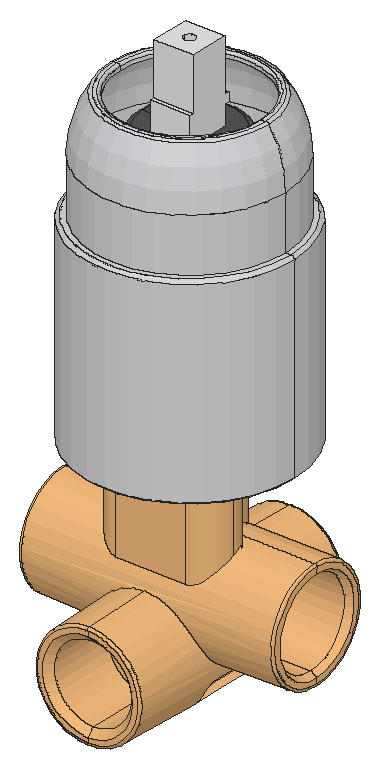
Revit family "Shower-Valve-KOHLER-CONCEALED-K-16587T", category Plumbing Fixtures, host Face, Revit 2017
Family settings
  Host = Face
  Round Connector Dimension = Use Diameter
  Part Type = Normal
  OmniClass Number = 23.27.31.00
  OmniClass Title = Valves
  Cut with Voids When Loaded = No
  Shared = No
  Room Calculation Point = No
Parameters (values of type "CP-Polished Chrome")
  Width = 2 73/256"  # constant formula
  WaterSense Certified = 1 = 0  # no
  Waste Water Outlet = "Waste Water Outlet"  # constant formula
  Waste Connection = 1 = 0  # no
  Vent Connection = 1 = 0  # no
  URL = "https://www.kohler.com.cn/"
  Type = 1
  Tempered Water Outlet 2 = "Tempered Water Outlet 2"  # constant formula
  Tempered Water Outlet 1 = "Tempered Water Outlet 1"  # constant formula
  Product Page URL = "https://www.kohler.com.cn/product/K-16587T-CP/K-16587T-CP/"
  Product Name = "CONCEALED"  # constant formula
  Product Documentation Link = "https://files.kohler.com.cn/pdfs/k_16587t_11697t.pdf"
  Pressure = 0.00 psi
  Model = "K-16587T-CP"  # constant formula
  Material = "Brass"  # constant formula
  Master Format 2014 Name = "Control Valves"  # constant formula
  Master Format 2014 = "23 09 13.33"  # constant formula
  Manufacturer Address = "Kohler Beijing Office (100016)\r\n36-2-03-B, No. 88, Liuxiang Road, Beijing"  # constant formula
  Manufacturer = "KOHLER Co."  # constant formula
  Length = 5 27/128"  # constant formula
  Hot Water Inlet = "Hot Water Inlet"  # constant formula
  Height = 2 73/256"  # constant formula
  HW Connection = 1 = 1  # yes
  Flow Rate = 0 GPM
  Finish = Kohler-Metal-CP-Polished_Chrome
  Environmental Product Declaration = ""
  Description = "35mm in-wall shower valve core Ⅰ"  # constant formula
  Default Elevation = 48 1/32"
  Declare Label = ""
  Date Modified = "04/01/2021"  # constant formula
  Date Created = "04/01/2021"  # constant formula
  Copyright = "Copyright KOHLER Co."  # constant formula
  Contact Us = "http://www.kohler.com.cn/contact/contact-us/"
  Cold Water Inlet = "Cold Water Inlet"  # constant formula
  CW Connection = 1 = 1  # yes
  Assembly Code = "D2020"
  ADA Compliant = 1 = 0  # no
Reference planes (in)
  plane 1 "Center (Front/Back)": y = 0
  plane 2: z = 0
  plane 3 "Center (Left/Right)": x = 0
  plane 4: y = 0.94488
  plane 5: y = -0.94488
  plane 6: x = -0.94488
  plane 7: x = 0.94488
  plane 8: x = -1.14173
  plane 9: y = -1.14173
  plane 10: x = 1.14342
  plane 11: y = 1.14342
  plane 12: z = -1.89008
  plane 13: z = -1.49638
  plane 14: z = 2.82677
  plane 15: z = 2.3937
  plane 16: z = -2.38417
  plane 17: z = -0.40157
Forms (in)
  Extrusion 1, void
    sketch origin (0, 0, 0) x (1, 0, 0) y (0, 0, 1)
      loop
        line (-1.2055, -0.90037) -> (-1.2055, -2.43326) -> (1.20244, -2.43326) -> (1.20244, -0.90037) -> (-1.2055, -0.90037)
    from -1.20513 to 1.20345
  Extrusion 2, void
    sketch origin (0, 0, 0) x (1, 0, 0) y (0, 1, 0)
      loop
        circle (0, 0) r 0.94488
    from -1.17144 to 0
Dimensions and locks (in)
  "Width": plane 8 to plane 10
  "Height": plane 9 to plane 11
  "Length": plane 14 to plane 16
  plane 13 to plane 12 = 0.3937"
  plane 14 to plane 17 = 3.22835"
  plane 15 to plane 17 = 2.79528"
  aligned and locked: plane 2 to host face
  aligned and locked: level to host face
Automatic sketch dimensions
  host sketch curve to host sketch curve = 96"  (x2)
  plane 8 to Extrusion 1 sketch curve = 0.06377"
  plane 10 to Extrusion 1 sketch curve = 0.05902"
  plane 16 to Extrusion 1 sketch curve = 0.04909"
  Extrusion 1 sketch curve to plane 17 = 0.4988"
  plane 1 "Center (Front/Back)" to Extrusion 2 sketch curve = 0"
  Extrusion 2 sketch curve to plane 3 "Center (Left/Right)" = 0"
  radius of Extrusion 2 sketch curve = 0.94488"
Nested families (in)
  nested 1: "K-16587T" at (0, 0, 0), type "K-16587T"
Connectors (in)
  piping at (-1.14173, 0, -1.49638), diameter 0.5, driven by "Flow Rate", driven by "HW Connection", driven by "Hot Water Inlet"
    settings: on nested 1, index 1, connector inside diameter 24", connector length 0", flow factor 0, pipe flow 0 GPM, pressure drop 0.00 psi, fitting loss kfactor 0, connector angle 0.00°, fixture units 0, engagement length 0", angle of deflection 0.00°, flow configuration 0, flow direction 1, fitting loss method 0, system type 19, joint type 0, gender type 0, connector reference index -1, connector utility 1, adjustable connector no, is connector primary yes, connector description "Hot Water Inlet"
  piping at (1.14173, 0, -1.49638), diameter 0.5, driven by "Flow Rate", driven by "CW Connection", driven by "Cold Water Inlet"
    settings: on nested 1, index 2, connector inside diameter 24", connector length 0", flow factor 0, pipe flow 0 GPM, pressure drop 0.00 psi, fitting loss kfactor 0, connector angle 0.00°, fixture units 0, engagement length 0", angle of deflection 0.00°, flow configuration 0, flow direction 1, fitting loss method 0, system type 20, joint type 0, gender type 0, connector reference index -1, connector utility 1, adjustable connector no, is connector primary no, connector description "Cold Water Inlet"
  piping at (0, -1.14173, -1.89008), diameter 0.5, driven by "Flow Rate", driven by "HW Connection", driven by "Tempered Water Outlet 1"
    settings: on nested 1, index 3, connector inside diameter 24", connector length 0", flow factor 0, pipe flow 0 GPM, pressure drop 0.00 psi, fitting loss kfactor 0, connector angle 0.00°, fixture units 0, engagement length 0", angle of deflection 0.00°, flow configuration 0, flow direction 2, fitting loss method 0, system type 19, joint type 0, gender type 0, connector reference index -1, connector utility 1, adjustable connector no, is connector primary no, connector description "Tempered Water Outlet 1"
  piping at (0, 1.14173, -1.89008), diameter 0.5, driven by "Flow Rate", driven by "HW Connection", driven by "Tempered Water Outlet 2"
    settings: on nested 1, index 4, connector inside diameter 24", connector length 0", flow factor 0, pipe flow 0 GPM, pressure drop 0.00 psi, fitting loss kfactor 0, connector angle 0.00°, fixture units 0, engagement length 0", angle of deflection 0.00°, flow configuration 0, flow direction 2, fitting loss method 0, system type 19, joint type 0, gender type 0, connector reference index -1, connector utility 1, adjustable connector no, is connector primary no, connector description "Tempered Water Outlet 2"
Definition of nested family "K-16587T"
  Parameters (values of type "K-16587T")
    Material = none
  Reference planes (in)
    plane 1 "Center (Front/Back)": y = 0
    plane 2: z = 0
    plane 3 "Center (Left/Right)": x = 0
    plane 4: z = -0.40157
    plane 5: z = -1.49638
    plane 6: z = 2.82677
    plane 7: z = 2.3937
    plane 8: z = -1.89008
    plane 9: y = 1.14173
    plane 10: x = -1.14173
    plane 11: x = 1.14173
    plane 12: y = -1.14173
    plane 13: y = 0.94488
    plane 14: x = -0.94488
    plane 15: x = 0.94488
    plane 16: y = -0.94488
    plane 17: z = -2.38253
  Forms (in)
    Revolve 1, solid, detail levels medium+fine
      sketch origin (0, 0, 0) x (0, 1, 0) y (0, 0, 1)
        loop
          line (1.14173, -2.29492) -> (1.0825, -2.23569) -> (0.49213, -2.23569) -> (0.49213, -1.89008) -> (-0.49213, -1.89008) -> (-0.49213, -2.23569) -> (-1.0825, -2.23569) -> (-1.14173, -2.29492) -> (-1.14173, -2.34102)
          arc (-1.14173, -2.34102) -> (-1.13555, -2.35632) -> (-1.12048, -2.36304) r 0.02204
          arc (-1.12048, -2.36304) -> (0.00019, -2.38309) -> (1.12087, -2.36303) r 31.32338
          arc (1.12087, -2.36303) -> (1.13567, -2.35643) -> (1.14173, -2.34141) r 0.02163
          line (1.14173, -2.34141) -> (1.14173, -2.29492)
        axis (-1.14173, -1.89008) -> (1.14173, -1.89008)
      angle from 0 to 360
    Revolve 2, solid, detail levels medium+fine
      sketch origin (0, 0, 0) x (1, 0, 0) y (0, 0, 1)
        loop
          arc (1.14173, -1.02623) -> (1.1354, -1.01064) -> (1.12, -1.00387) r 0.02237
          arc (1.12, -1.00387) -> (0.00246, -0.98798) -> (-1.11508, -1.00373) r 39.46346
          arc (-1.11508, -1.00373) -> (-1.13397, -1.01203) -> (-1.14173, -1.03115) r 0.02742
          line (-1.14173, -1.03115) -> (-1.14173, -1.07646) -> (-1.08266, -1.11056) -> (-0.55193, -1.11056) -> (-0.55193, -1.49638) -> (0.55193, -1.49638) -> (0.55193, -1.11056) -> (1.08266, -1.11056) -> (1.14173, -1.07646) -> (1.14173, -1.02623)
        axis (1.14173, -1.49638) -> (-1.14173, -1.49638)
      angle from 0 to 360
    Extrusion 3, solid, detail levels medium+fine
      sketch origin (0, 0, 0) x (1, 0, 0) y (0, 1, 0)
        loop
          line (-0.31496, -0.43307) -> (0.31496, -0.43307)
          arc (0.31496, -0.43307) -> (0.48366, -0.36253) -> (0.55193, -0.19291) r 0.23699
          arc (0.55193, -0.19291) -> (0.51275, -0.05622) -> (0.4097, 0.04176) r 0.27071
          arc (0.4097, 0.04176) -> (0.32972, 0.11365) -> (0.29151, 0.21417) r 0.22835
          arc (0.29151, 0.21417) -> (-0.00211, 0.47247) -> (-0.29456, 0.21286) r 0.29528
          arc (-0.29456, 0.21286) -> (-0.33203, 0.11284) -> (-0.41108, 0.04101) r 0.22711
          arc (-0.41108, 0.04101) -> (-0.51316, -0.05689) -> (-0.55193, -0.19291) r 0.27071
          arc (-0.55193, -0.19291) -> (-0.48366, -0.36253) -> (-0.31496, -0.43307) r 0.23699
      from -1.65329 to -0.02
    Revolve 4, solid, material <- "Material", detail levels medium+fine
      sketch origin (0, 0, 0) x (1, 0, 0) y (0, 0, 1)
        loop
          line (-0.8747, -0.40157) -> (-0.8747, -0.13617) -> (-0.24606, -0.13617) -> (-0.24606, -0.09505) -> (-0.82669, -0.09505) -> (-0.82669, 1.8737)
          arc (-0.82669, 1.8737) -> (-0.79197, 2.1094) -> (-0.69076, 2.32508) r 0.81743
          arc (-0.69076, 2.32508) -> (-0.67836, 2.33639) -> (-0.66208, 2.34049) r 0.0344
          line (-0.66208, 2.34049) -> (-0.62968, 2.34049) -> (-0.62968, 2.37225)
          arc (-0.62968, 2.37225) -> (-0.63597, 2.38742) -> (-0.65113, 2.3937) r 0.02145
          line (-0.65113, 2.3937) -> (-0.6831, 2.3937)
          arc (-0.6831, 2.3937) -> (-0.6988, 2.38986) -> (-0.71095, 2.37921) r 0.03401
          arc (-0.71095, 2.37921) -> (-0.82636, 2.14532) -> (-0.86606, 1.88754) r 0.8568
          line (-0.86606, 1.88754) -> (-0.86606, 1.4052) -> (-0.91339, 1.4052) -> (-0.94488, 1.3737) -> (-0.94488, -0.3812) -> (-0.9206, -0.40157) -> (-0.8747, -0.40157)
        axis (0, -0.40157) -> (0, 2.3937)
      angle from 0 to 360
    Revolve 5, solid, detail levels medium+fine
      sketch origin (0, 0, 0) x (1, 0, 0) y (0, 0, 1)
        loop
          line (-0.4626, 2.05733) -> (-0.4626, 1.70835) -> (-0.69526, 1.70835) -> (-0.69526, 0.62173) -> (0, 0.62173) -> (0, 2.10205) -> (-0.41788, 2.10205)
          arc (-0.41788, 2.10205) -> (-0.4495, 2.08895) -> (-0.4626, 2.05733) r 0.04472
        axis (0, 0.62173) -> (0, 2.10205)
      angle from 0 to 360
    Extrusion 6, solid, detail levels medium+fine
      sketch origin (0, 0, 0) x (0, 1, 0) y (0, 0, 1)
        loop
          line (-0.17717, 2.82677) -> (-0.17717, 2.35795) -> (-0.21654, 2.35795) -> (-0.21654, 2.10205) -> (0.17717, 2.10205) -> (0.17717, 2.27921) -> (0.21654, 2.27921) -> (0.21654, 2.35795) -> (0.17717, 2.35795) -> (0.17717, 2.82677) -> (-0.17717, 2.82677)
      from -0.17717 to 0.17717
    Extrusion 7, void
      sketch origin (0, 0, 0) x (1, 0, 0) y (0, 1, 0)
        loop
          circle (0, 0) r 0.05122
      from 2.53282 to 3.45281
    Extrusion 8, void
      sketch origin (0, 0, 0) x (0, 1, 0) y (0, 0, 1)
        loop
          line (0.29374, -2.03575) -> (-0.29528, -2.03575)
          arc (-0.29528, -2.03575) -> (-0.35095, -2.05881) -> (-0.37402, -2.11449) r 0.07874
          line (-0.37402, -2.11449) -> (-0.37402, -2.2015)
          arc (-0.37402, -2.2015) -> (-0.35285, -2.25327) -> (-0.30147, -2.27539) r 0.07391
          arc (-0.30147, -2.27539) -> (-0.00002, -2.27817) -> (0.30144, -2.27539) r 16.36561
          arc (0.30144, -2.27539) -> (0.35292, -2.25335) -> (0.37402, -2.20175) r 0.07364
          line (0.37402, -2.20175) -> (0.37402, -2.11602)
          arc (0.37402, -2.11602) -> (0.3505, -2.05926) -> (0.29374, -2.03575) r 0.08027
      from 0.21654 to 0.77756
    Extrusion 9, void
      sketch origin (0, 0, 0) x (0, 1, 0) y (0, 0, -1)
        loop
          arc (0.29374, 2.03575) -> (0.3505, 2.05926) -> (0.37402, 2.11602) r 0.08027
          line (0.37402, 2.11602) -> (0.37402, 2.20175)
          arc (0.37402, 2.20175) -> (0.35292, 2.25335) -> (0.30144, 2.27539) r 0.07364
          arc (0.30144, 2.27539) -> (-0.00002, 2.27817) -> (-0.30147, 2.27539) r 16.36561
          arc (-0.30147, 2.27539) -> (-0.35285, 2.25327) -> (-0.37402, 2.2015) r 0.07391
          line (-0.37402, 2.2015) -> (-0.37402, 2.11449)
          arc (-0.37402, 2.11449) -> (-0.35095, 2.05881) -> (-0.29528, 2.03575) r 0.07874
          line (-0.29528, 2.03575) -> (0.29374, 2.03575)
      from 0.21654 to 0.77756
    Extrusion 10, solid, detail levels medium+fine
      sketch origin (0, 0, 0) x (1, 0, 0) y (0, 0, 1)
        loop
          circle (-0.94556, -1.49573) r 0.11811
      from -0.50079 to -0.45792
    Extrusion 11, void
      sketch origin (0, 0, 0) x (1, 0, 0) y (0, 0, 1)
        loop
          circle (-0.00101, -2.1304) r 0.09615
      from -1.94062 to 2.30615
    Extrusion 12, void
      sketch origin (0, 0, 0) x (1, 0, 0) y (0, 0, 1)
        loop
          circle (0.00129, -1.83264) r 0.15748
      from -0.1031 to 2.30615
    Extrusion 13, solid, detail levels coarse
      sketch origin (0, 0, 0) x (1, 0, 0) y (0, 0, 1)
        loop
          circle (0, -1.89008) r 0.49102
      from -1.14173 to 1.14173
    Extrusion 14, solid, detail levels coarse
      sketch origin (0, 0, 0) x (0, 1, 0) y (0, 0, 1)
        loop
          circle (0, -1.49638) r 0.51181
      from -1.14173 to 1.14173
    Extrusion 15, solid, detail levels coarse
      sketch origin (0, 0, 0) x (1, 0, 0) y (0, 1, 0)
        loop
          line (-0.55193, 0.48424) -> (-0.55193, -0.43865) -> (0.55051, -0.43865) -> (0.55051, 0.48424) -> (-0.55193, 0.48424)
      from -1.49638 to 0
    Extrusion 16, solid, material <- "Material", detail levels coarse
      sketch origin (0, 0, 0) x (1, 0, 0) y (0, 1, 0)
        loop
          circle (0, 0) r 0.94488
      from -0.40157 to 1.4052
    Extrusion 17, solid, material <- "Material", detail levels coarse
      sketch origin (0, 0, 0) x (1, 0, 0) y (0, 1, 0)
        loop
          circle (0, 0) r 0.86606
      from 1.00805 to 2.3937
    Extrusion 18, solid, detail levels coarse
      sketch origin (0, 0, 0) x (1, 0, 0) y (0, 1, 0)
        loop
          line (0.17717, 0.21654) -> (-0.17717, 0.21654) -> (-0.17717, -0.21654) -> (0.17717, -0.21654) -> (0.17717, 0.21654)
      from 2.10205 to 2.82677
  Cuts and joins
    Extrusion 7 cuts Extrusion 6
    Extrusion 8, Extrusion 9, Extrusion 11, Extrusion 12 cuts Revolve 1
    joined: Revolve 1, Revolve 2
    joined: Extrusion 13, Extrusion 14, Extrusion 15
    joined: Extrusion 16, Extrusion 17
  Lines and regions (in)
    Masking region 1, detail levels medium+fine
      outline origin (0, 0, 0) x (1, 0, 0) y (0, 0, 1)
        loop
          arc (-1.14173, -1.98952) -> (-0.80984, -1.9976) -> (-0.47789, -2.00287) r 39.18557
          arc (-0.47789, -2.00287) -> (0, -2.3811) -> (0.47789, -2.00287) r 0.49102
          arc (0.47789, -2.00287) -> (0.80984, -1.9976) -> (1.14173, -1.98952) r 39.18557
          line (1.14173, -1.98952) -> (1.14173, -1.00324)
          arc (1.14173, -1.00324) -> (0.87074, -0.99643) -> (0.59971, -0.99149) r 39.18557
          arc (0.59971, -0.99149) -> (0.5667, -0.97739) -> (0.55308, -0.94417) r 0.04732
          line (0.55308, -0.94417) -> (0.55308, -0.40157) -> (0.9206, -0.40157) -> (0.94488, -0.3812) -> (0.94488, 0) -> (0, 0) -> (-0.94488, 0) -> (-0.94488, -0.3812) -> (-0.9206, -0.40157) -> (-0.55308, -0.40157) -> (-0.55308, -0.94417)
          arc (-0.55308, -0.94417) -> (-0.5667, -0.97739) -> (-0.59971, -0.99149) r 0.04732
          arc (-0.59971, -0.99149) -> (-0.87074, -0.99643) -> (-1.14173, -1.00324) r 39.18557
          line (-1.14173, -1.00324) -> (-1.14173, -1.98952)
        loop
          circle (-0.00101, -2.1304) r 0.09615
    Masking region 2
      outline origin (0, 0, 0) x (1, 0, 0) y (0, 0, 1)
        loop
          line (-0.94488, 0) -> (0, 0) -> (0.94488, 0) -> (0.94488, 1.3737) -> (0.91339, 1.4052) -> (0.86606, 1.4052) -> (0.86606, 1.88324)
          arc (0.86606, 1.88324) -> (0.82234, 2.15231) -> (0.6957, 2.3937) r 0.84996
          line (0.6957, 2.3937) -> (0.17717, 2.3937) -> (0.17717, 2.82677) -> (-0.17717, 2.82677) -> (-0.17717, 2.3937) -> (-0.6957, 2.3937)
          arc (-0.6957, 2.3937) -> (-0.82234, 2.15231) -> (-0.86606, 1.88324) r 0.84996
          line (-0.86606, 1.88324) -> (-0.86606, 1.4052) -> (-0.91339, 1.4052) -> (-0.94488, 1.3737) -> (-0.94488, 0)
    Masking region 3
      outline origin (0, 0, 0) x (0, 1, 0) y (0, 0, 1)
        loop
          line (0.17717, 2.82677) -> (-0.17717, 2.82677) -> (-0.17717, 2.3937) -> (-0.6982, 2.3937)
          arc (-0.6982, 2.3937) -> (-0.82305, 2.14785) -> (-0.86606, 1.87549) r 0.88383
          line (-0.86606, 1.87549) -> (-0.86606, 1.4052) -> (-0.91339, 1.4052) -> (-0.94488, 1.3737) -> (-0.94488, -0.38091) -> (-0.92025, -0.40157) -> (-0.43541, -0.40157) -> (-0.43541, -1.22736)
          arc (-0.43541, -1.22736) -> (-0.47661, -1.30984) -> (-0.50234, -1.39837) r 0.51181
          arc (-0.50234, -1.39837) -> (-0.82224, -1.40661) -> (-1.14202, -1.41883) r 25.71393
          line (-1.14202, -1.41883) -> (-1.14202, -1.89008) -> (-1.14202, -2.36133)
          arc (-1.14202, -2.36133) -> (0, -2.38253) -> (1.14202, -2.36133) r 30.76757
          line (1.14202, -2.36133) -> (1.14202, -1.89008) -> (1.14202, -1.41883)
          arc (1.14202, -1.41883) -> (0.82224, -1.40661) -> (0.50234, -1.39837) r 25.71393
          arc (0.50234, -1.39837) -> (0.48984, -1.34804) -> (0.47232, -1.29923) r 0.51181
          line (0.47232, -1.29923) -> (0.47232, -0.40157) -> (0.92025, -0.40157) -> (0.94488, -0.38091) -> (0.94488, 1.3737) -> (0.91339, 1.4052) -> (0.86606, 1.4052) -> (0.86606, 1.87549)
          arc (0.86606, 1.87549) -> (0.82305, 2.14785) -> (0.6982, 2.3937) r 0.88383
          line (0.6982, 2.3937) -> (0.17717, 2.3937) -> (0.17717, 2.82677)
    Masking region 4
      outline origin (0, 0, 0) x (1, 0, 0) y (0, 1, 0)
        loop
          circle (0, 0) r 0.94488
    symbolic lines, detail levels medium+fine
      curve 1: line (-0.31496, 0, -1.21292) -> (-0.31496, 0, -0.40157)
      curve 2: line (0.31496, 0, -0.40157) -> (0.31496, 0, -1.21292)
      curve 3: arc (-0.31496, 0, -1.21292) -> (0, 0, -1.20174) -> (0.31496, 0, -1.21292) r 4.44219
      curve 4: arc (-0.40303, 0, -1.18153) -> (-0.36228, 0, -1.20645) -> (-0.31496, 0, -1.21292) r 0.11639
      curve 5: arc (-0.55486, 0, -0.95628) -> (-0.49149, 0, -1.07736) -> (-0.40303, 0, -1.18153) r 0.61684
      curve 6: line (-0.55308, 0, -0.40157) -> (0.55308, 0, -0.40157)
      curve 7: line (0, 0, -1.40105) -> (-0.48017, 0, -2.00186)
      curve 8: line (0.48017, 0, -2.00186) -> (0, 0, -1.40105)
      curve 9: arc (0, 0, -1.48523) -> (0.40485, 0, -1.89008) -> (0, 0, -2.29492) r 0.40485
      curve 10: arc (0, 0, -2.29492) -> (-0.40485, 0, -1.89008) -> (0, 0, -1.48523) r 0.40485
      curve 11: arc (0.15877, 0, -1.83264) -> (0.00129, 0, -1.67516) -> (-0.15619, 0, -1.83264) r 0.15748
      curve 12: arc (-0.15619, 0, -1.83264) -> (0.00129, 0, -1.99012) -> (0.15877, 0, -1.83264) r 0.15748
      curve 13: arc (0, 0, -2.24441) -> (-0.35433, 0, -1.89008) -> (0, 0, -1.53575) r 0.35433
      curve 14: arc (0, 0, -1.53575) -> (0.35433, 0, -1.89008) -> (0, 0, -2.24441) r 0.35433
      curve 15: arc (0.40303, 0, -1.18153) -> (0.36228, 0, -1.20645) -> (0.31496, 0, -1.21292) r 0.11639
      curve 16: arc (0.55486, 0, -0.95628) -> (0.49149, 0, -1.07736) -> (0.40303, 0, -1.18153) r 0.61684
      curve 17: arc (-0.31217, 0, -1.25219) -> (0.00013, 0, -1.24111) -> (0.31243, 0, -1.25221) r 4.40282
      curve 18: arc (-0.43003, 0, -1.21018) -> (-0.3755, 0, -1.24354) -> (-0.31217, 0, -1.25219) r 0.15576
      curve 19: arc (0.43003, 0, -1.21018) -> (0.3755, 0, -1.24354) -> (0.31217, 0, -1.25219) r 0.15576
      curve 20: arc (-0.59971, 0, -0.99149) -> (-0.52337, 0, -1.10743) -> (-0.43003, 0, -1.21018) r 0.89513
      curve 21: arc (0.59971, 0, -0.99149) -> (0.52337, 0, -1.10743) -> (0.43003, 0, -1.21018) r 0.89513
      curve 22: line (-0.17717, 0, 2.3937) -> (0.17717, 0, 2.3937)
      curve 23: line (-0.86606, 0, 1.4052) -> (0.86606, 0, 1.4052)
      curve 24: line (-0.95293, 0, 1.36565) -> (0.95293, 0, 1.36565)
      curve 25: line (-0.86606, 0, 1.88324) -> (0.86606, 0, 1.88324)
      curve 26: line (-0.95293, 0, -0.3812) -> (0.95293, 0, -0.3812)
      curve 35: line (0, 0.17717, 2.3937) -> (0, -0.17717, 2.3937)
      curve 36: line (0, 0.86502, 1.91839) -> (0, -0.86502, 1.91839)
      curve 37: line (0, 0.86606, 1.4052) -> (0, -0.86606, 1.4052)
      curve 38: line (0, 0.95305, 1.36554) -> (0, -0.93627, 1.36554)
      curve 39: line (0, 0.47232, -0.40157) -> (0, -0.43541, -0.40157)
      curve 40: line (0, 0.95305, -0.38091) -> (0, -0.95305, -0.38091)
      curve 41: line (0, -0.5022, -1.39766) -> (0, 0, -2.00186)
      curve 42: line (0, 0, -2.00186) -> (0, 0.5022, -1.39766)
      curve 43: arc (0, 0, -1.11056) -> (0, 0.38582, -1.49638) -> (0, 0, -1.8822) r 0.38582
      curve 44: arc (0, 0, -1.9163) -> (0, 0.41992, -1.49638) -> (0, 0, -1.07646) r 0.41992
      curve 45: line (0, 0.37402, -2.20175) -> (0, 0.37402, -2.11602)
      curve 46: arc (0, 0.29374, -2.03575) -> (0, 0.3505, -2.05926) -> (0, 0.37402, -2.11602) r 0.08027
      curve 47: arc (0, 0.37402, -2.20175) -> (0, 0.35292, -2.25335) -> (0, 0.30173, -2.27539) r 0.07364
      curve 48: arc (0, 0.30202, -2.27538) -> (0, 0.00027, -2.27817) -> (0, -0.30147, -2.27539) r 16.36561
      curve 49: arc (0, -0.30147, -2.27539) -> (0, -0.35285, -2.25327) -> (0, -0.37402, -2.2015) r 0.07391
      curve 50: line (0, -0.37402, -2.11449) -> (0, -0.37402, -2.2015)
      curve 51: arc (0, -0.37402, -2.11449) -> (0, -0.35095, -2.05881) -> (0, -0.29528, -2.03575) r 0.07874
      curve 52: line (0, 0.29374, -2.03575) -> (0, -0.29528, -2.03575)
      curve 53: arc (0, 0, -1.11056) -> (0, -0.38582, -1.49638) -> (0, 0, -1.8822) r 0.38582
      curve 54: arc (0, 0, -1.9163) -> (0, -0.41992, -1.49638) -> (0, 0, -1.07646) r 0.41992
      curve 55: arc (0, 0.47232, -1.29923) -> (0, 0.0404, -0.98616) -> (0, -0.43541, -1.22736) r 0.51181
      curve 56: line (0, 0, -0.40157) -> (0, 0, -0.98457)
      curve 57: arc (-0.86614, 0, 0) -> (0, 0.86614, 0) -> (0.86614, 0, 0) r 0.86614
      curve 58: arc (0.86614, 0, 0) -> (0, -0.86614, 0) -> (-0.86614, 0, 0) r 0.86614
      curve 59: arc (0.91339, 0, 0) -> (0, 0.91339, 0) -> (-0.91339, 0, 0) r 0.91339
      curve 60: arc (-0.91339, 0, 0) -> (0, -0.91339, 0) -> (0.91339, 0, 0) r 0.91339
      curve 61: arc (-0.62968, 0, 0) -> (0, 0.62968, 0) -> (0.62968, 0, 0) r 0.62968
      curve 62: arc (-0.4626, 0, 0) -> (0, 0.4626, 0) -> (0.4626, 0, 0) r 0.4626
      curve 63: line (0.17717, 0.21654, 0) -> (-0.17717, 0.21654, 0)
      curve 64: line (-0.17717, 0.21654, 0) -> (-0.17717, -0.21654, 0)
      curve 65: line (0.17717, -0.21654, 0) -> (0.17717, 0.21654, 0)
      curve 66: line (-0.17717, -0.21654, 0) -> (0.17717, -0.21654, 0)
      curve 67: line (-0.17717, -0.17717, 0) -> (0.17717, -0.17717, 0)
      curve 68: line (0.17717, 0.17717, 0) -> (-0.17717, 0.17717, 0)
      curve 69: arc (0.05122, 0, 0) -> (0, 0.05122, 0) -> (-0.05122, 0, 0) r 0.05122
      curve 70: arc (-0.05122, 0, 0) -> (0, -0.05122, 0) -> (0.05122, 0, 0) r 0.05122
      curve 71: arc (0.62968, 0, 0) -> (0, -0.62968, 0) -> (-0.62968, 0, 0) r 0.62968
      curve 72: arc (-0.4626, 0, 0) -> (0, -0.4626, 0) -> (0.4626, 0, 0) r 0.4626
    symbolic lines, detail levels coarse
      curve 27: line (0.34544, 0, -0.0616) -> (0.34544, 0, -0.25845)
      curve 28: line (-0.34544, 0, -0.0616) -> (-0.34544, 0, -0.25845)
      curve 29: line (0.34544, 0, -0.0616) -> (-0.34544, 0, -0.25845)
      curve 30: line (-0.34544, 0, -0.0616) -> (0.34544, 0, -0.25845)
      curve 31: line (0, 0, -0.16003) -> (0, 0, -0.42634)
      curve 32: line (0, 0, -0.42634) -> (0.29536, 0, -0.42634)
      curve 33: line (0, 0, -0.42634) -> (-0.29536, 0, -0.42634)
      curve 34: arc (0.29536, 0, -0.42634) -> (0, 0, -0.56057) -> (-0.29536, 0, -0.42634) r 0.39209
  Dimensions and locks (in)
    plane 10 to plane 11 = 2.28346"
    plane 9 to plane 12 = 2.28346"
    aligned and locked: plane 2 to level
